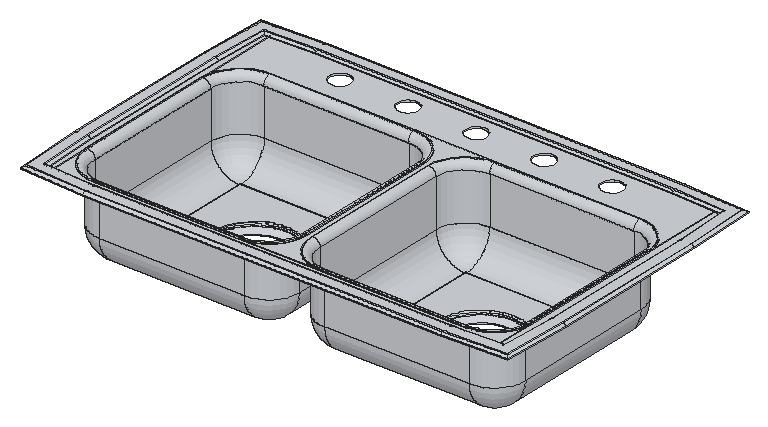
Revit family "LRAD291850", category Plumbing Fixtures, Revit 2019
Family settings
  Round Connector Dimension = Use Diameter
  Part Type = Normal
  OmniClass Number = 23.45.05.14.14
  OmniClass Title = Sinks/Lavatories
  Work Plane-Based = No
  Always vertical = Yes
  Cut with Voids When Loaded = No
  Shared = No
  Room Calculation Point = No
Parameters (values of type "LRAD2918505")
  URL = "www.elkayusa.com"
  Specification Sheet URL = "http://www.elkayusa.com/cps/rde/xbcr/elkay/01-62H_LR(Q)_LRAD(Q)_Double_Bowl.pdf"
  Sink Width = 1' - 6"  # constant formula
  Sink Material = none
  Sink Length = 2' - 5"  # constant formula
  Sink Ledge Sides Width = 0' - 1 7/8"  # constant formula
  Sink Ledge Front Width = 0' - 1 3/4"  # constant formula
  Sink Ledge Back Width = 0' - 4 1/4"  # constant formula
  Sink Depth = 0' - 5"  # constant formula
  Sink Bowl Formula = ((Sink Length - Sink Ledge Sides Width - Sink Ledge Sides Width - Partition Width) / 2)  # 1' - 0"
  Partition Width = 0' - 1 1/4"  # constant formula
  Model = "LR3321"
  Minimum Cabinet Width = "33\""
  Manufacturer = "Elkay Manufacturing"
  Installation Sheet URL = "http://www.elkayusa.com/cps/rde/xbcr/elkay/74180147.pdf"
  Hole 5 Top = 0' - 2"
  Hole 4 Top = 0' - 2"
  Hole 3 Top = 0' - 2"
  Hole 2 Top = 0' - 2"
  Hole 1 to 6 = 1' - 6"
  Hole 1 to 8 = 2' - 0"
  Hole 1 to 7 = 1' - 9"
  Hole 1 to 5 = 1' - 4"
  Hole 1 to 4 = 1' - 0"
  Hole 1 to 3 = 0' - 8"
  Hole 1 to 2 = 0' - 4"
  Hole 1 from CL = 0' - 8"
  Hole 1 Top = 0' - 2"
  Faucet Hole CL = 0' - 2 1/4"  # constant formula
  Drain Location = 0' - 6"  # constant formula
  Description = "Lustertone Double Bowl Sink"
  Deep Specification Sheet URL = "http://www.elkayusa.com/cps/rde/xbcr/elkay/01-19G_DLR(Q)_Double_Bowl.pdf"
  Custom Bowl = no
  Custom Bowl Length = ((Sink Length - Sink Ledge Sides Width - Sink Ledge Sides Width - Partition Width) / 2) - CL Sink to CL Partition  # 1' - 0"
  CL Sink to CL Partition = 0' - 0"
  Bowl Length = ((Sink Length - Sink Ledge Sides Width - Sink Ledge Sides Width - Partition Width) / 2)  # 1' - 0"
  Left Bowl Length = if(Custom Bowl, Custom Bowl Length, Sink Bowl Formula)  # 1' - 0"
  2D Hole 5 = Hole 5 Top = 0' 2"  # yes
  2D Hole 4 = Hole 4 Top = 0' 2"  # yes
  2D Hole 3 = Hole 3 Top = 0' 2"  # yes
  2D Hole 2 = Hole 2 Top = 0' 2"  # yes
  2D Hole 1 = Hole 1 Top = 0' 2"  # yes
Types (6): name | Hole 5 Top | Hole 4 Top | Hole 3 Top | Hole 2 Top | Hole 1 to 5 | Hole 1 from CL | 2D Hole 5 | 2D Hole 4 | 2D Hole 3 | 2D Hole 2
  LRAD2918505 | 0' - 2" | 0' - 2" | 0' - 2" | 0' - 2" | 1' - 4" | 0' - 8" | yes | yes | yes | yes
  LRAD2918504 | 0' - 1 1/2" | 0' - 2" | 0' - 2" | 0' - 2" | 1' - 3" | 0' - 4" | no | yes | yes | yes
  LRAD2918503 | 0' - 1 1/2" | 0' - 1 1/2" | 0' - 2" | 0' - 2" | 1' - 3" | 0' - 4" | no | no | yes | yes
  LRAD291850MR2 | 0' - 1 1/2" | 0' - 1 1/2" | 0' - 1 1/2" | 0' - 2" | 1' - 3" | 0' - 0" | no | no | no | yes
  LRAD2918502 | 0' - 1 1/2" | 0' - 1 1/2" | 0' - 1 1/2" | 0' - 2" | 1' - 3" | 0' - 2" | no | no | no | yes
  LRAD2918501 | 0' - 1 1/2" | 0' - 1 1/2" | 0' - 1 1/2" | 0' - 1 1/2" | 1' - 3" | 0' - 0" | no | no | no | no
Reference planes (in)
  plane 1 "CL Sink Hole": y = 0
  plane 2 "Rim Top Outside Corner": z = 0.0015695
  plane 3 "Center (Left/Right)": x = 0
  plane 4 "Basin Edge Left": x = -12.625
  plane 5 "Basin Edge Right": x = 12.625
  plane 6 "Basin Edge Back": y = 6
  plane 7 "Basin Edge Front": y = -6
  plane 8 "Left": x = -14.5
  plane 9 "Right": x = 14.5
  plane 10 "Back": y = 10.25
  plane 11 "Front": y = -7.75
  plane 12 "Sink Angle Back Corner": y = 10.0792275
  plane 13 "Sink Angle Right Corner": x = 14.3267866
  plane 14 "Sink Angle Right": x = 10.5172067
  plane 15 "Sink Angle Back": y = 5.9648437
  plane 16 "Sink Angle Left": x = -10.515625
  plane 17 "Sink Angle Left Corner": x = -14.328125
  plane 18 "Sink Angle Front Corner": y = -7.578125
  plane 19 "Sink Angle Front": y = -3.4648438
  plane 20 "Sink Top Face Back Edge": y = 9.2219509
  plane 21 "Sink Top Face Front Edge": y = -6.7226563
  plane 22 "Sink Top Face Right Edge": x = 13.0976563
  plane 23 "Sink Top Face Left Edge": x = -13.0976563
  plane 24 "Sink Bowl Bottom (Top Face)": z = -4.8945313
  plane 25 "Faucet CL": y = 8
  plane 26 "Sink Top Piece Top Face": z = -0.0194305
  plane 27 "Sink Top Piece Bottom Face": z = -0.0819305
  plane 28 "Left Sink Bottom Piece Right Edge": x = -2.3125
  plane 29 "Top Void for Radius Back Edge": y = 3.5
  plane 30 "back ledge void radius": y = 6.4921875
  plane 31 "front ledge void radius": y = -6.4921875
  plane 32 "Top Radius Corner Prot": z = -0.4405305
  plane 33: z = -3.2070313
  plane 34 "Sink Bowl Bottom (Bottom Face)": z = -4.9570313
  plane 35 "Left Sink Bottom Piece Left Edge": x = -10.9375
  plane 36 "Sink Bottom Piece Right Edge": x = 10.9375
  plane 37 "Sink Bottom Piece Back Edge": y = 4.3125
  plane 38 "Sink Bottom Piece Front Edge": y = -4.3125
  plane 39 "Top Void for Radius Front Edge": y = -3
  plane 40 "Sink Top Locked Edge Right": x = 13.5625
  plane 41 "Sink Top Locked Edge Left": x = -13.5625
  plane 42 "Hole 1": x = -8
  plane 43 "Hole 2": x = -4
  plane 44 "Hole 3": x = 0
  plane 45 "Hole 4": x = 4
  plane 46 "Hole 5": x = 8
  plane 47 "Faucet Hole Void Bottoms": z = -1.9984305
  plane 48 "Hole 1 Top": z = 0.0015695
  plane 49 "Hole 2 Top": z = 0.0015695
  plane 50 "Hole 3 Top": z = 0.0015695
  plane 51 "Hole 4 Top": z = 0.0015695
  plane 52 "Hole 5 Top": z = 0.0015695
  plane 53 "Top": z = 0.1054687
  plane 54 "Insertion Plan for Sink - Bottom Outside Corner of Rim": z = -0.0524008
  plane 55 "Center (Front/Back)": y = 0
  plane 56 "CL PARTITION": x = 0
  plane 57 "LEFT BOWL RIGHT EDGE": x = -0.625
  plane 58 "RIGHT BOWL LEFT EDGE": x = 0.625
  plane 59 "Sink Bottom Piece Left Edge": x = 2.3125
  plane 60 "Left Bowl CL Drain": x = -6.625
  plane 61 "Right Bowl CL Drain": x = 6.625
  plane 62 "Left Partition Left Edge": x = -0.1328125
  plane 63 "Left Partition Right Edge": x = 0.1328125
Forms (in)
  Sweep 1, solid, material <- "Sink Material"
    path origin (0, 0, 0) x (1, 0, 0) y (0, 1, 0)
      loop
        line (10.5172067, 10.25) -> (-10.515625, 10.25) -> (-14.328125, 10.0792275) -> (-14.5, 5.9648437) -> (-14.5, -3.4648438) -> (-14.328125, -7.578125) -> (-10.515625, -7.75) -> (10.5172067, -7.75) -> (14.3267866, -7.578125) -> (14.5, -3.4648438) -> (14.5, 5.9648437) -> (14.3267866, 10.0792275) -> (10.5172067, 10.25)
    profile "profile-elkay-sink-rim-1 : profile-elkay-sink-rim-1" origin (0.0007909, 10.25, 0) x (0, -1, 0) y (0, 0, 1)
      loop
        line (0, 0) -> (0, -0.0524008) -> (0.2039181, 0.0577989) -> (0.8052651, 0.0577989) -> (1.0074493, -0.0709913) -> (1.0074493, -0.0163327) -> (0.841093, 0.0896347)
        arc (0.841093, 0.0896347) -> (0.8176388, 0.1002604) -> (0.7921483, 0.1038992) r 0.091102
        line (0.7921483, 0.1038992) -> (0.2153023, 0.1038992)
        arc (0.2153023, 0.1038992) -> (0.1929626, 0.1011179) -> (0.1719868, 0.0929438) r 0.0911081
        line (0.1719868, 0.0929438) -> (0, 0)
  Extrusion 2, solid, material <- "Sink Material"
    sketch origin (0, 0, 0) x (1, 0, 0) y (0, 1, 0)
      loop
        line (-13.0976563, 9.2219509) -> (-13.0976563, 3.5) -> (13.0976563, 3.5) -> (13.0976563, 9.2219509) -> (-13.0976563, 9.2219509)
    from -0.0819305 to -0.0194305
  Extrusion 3, void
    sketch origin (0, 0, 0) x (1, 0, 0) y (0, 1, 0)
      loop
        line (13.0976563, 3.5) -> (13.0976563, 4.1441505)
        arc (13.0976563, 4.1441505) -> (12.4099322, 5.8044634) -> (10.7496193, 6.4921875) r 2.348037
        line (10.7496193, 6.4921875) -> (-10.75, 6.4921875)
        arc (-10.75, 6.4921875) -> (-12.4100437, 5.8045749) -> (-13.0976563, 4.1445312) r 2.3476562
        line (-13.0976563, 4.1445312) -> (-13.0976563, 3.5) -> (13.0976563, 3.5)
    from -0.7469965 to 0.495879
  Extrusion 4, solid, material <- "Sink Material"
    sketch origin (0, 0, 0) x (1, 0, 0) y (0, 1, 0)
      loop
        line (-13.0976563, -3.4648438) -> (-13.0976563, -6.7226563) -> (13.0976563, -6.7226563) -> (13.0976563, -3.4648438) -> (-13.0976563, -3.4648438)
    from -0.0819305 to -0.0194305
  Extrusion 5, void
    sketch origin (0, 0, 0) x (1, 0, 0) y (0, 1, 0)
      loop
        line (-13.0976563, -3) -> (-13.0976563, -4.2107599)
        arc (-13.0976563, -4.2107599) -> (-12.4294416, -5.8239728) -> (-10.8162287, -6.4921875) r 2.2814276
        line (-10.8162287, -6.4921875) -> (10.8164063, -6.4921875)
        arc (10.8164063, -6.4921875) -> (12.4294936, -5.8240248) -> (13.0976563, -4.2109375) r 2.28125
        line (13.0976563, -4.2109375) -> (13.0976563, -3) -> (-13.0976563, -3)
    from -1.9984305 to 0.6466859
  Extrusion 6, solid, material <- "Sink Material"
    sketch origin (0, 0, 0) x (1, 0, 0) y (0, 1, 0)
      loop
        line (-13.5625, 9.2219509) -> (-13.5625, -6.7226563) -> (-13.0976563, -6.7226563) -> (-13.0976563, 9.2219509) -> (-13.5625, 9.2219509)
    from -0.0819305 to -0.0194305
  Extrusion 7, solid, material <- "Sink Material"
    sketch origin (0, 0, 0) x (1, 0, 0) y (0, 1, 0)
      loop
        line (13.0976563, 9.2219509) -> (13.0976563, -6.7226563) -> (13.5625, -6.7226563) -> (13.5625, 9.2219509) -> (13.0976563, 9.2219509)
    from -0.0819305 to -0.0194305
  Sweep 8, solid, material <- "Sink Material"
    path origin (-14.75, 0, -0.0194305) x (-1, 0, 0) y (0, -1, 0)
      loop
        line (-12.375, -6) -> (-3.875, -6)
        arc (-3.875, -6) -> (-2.6375631, -5.4874369) -> (-2.125, -4.25) r 1.75
        line (-2.125, -4.25) -> (-2.125, 4.25)
        arc (-2.125, 4.25) -> (-2.6375631, 5.4874369) -> (-3.875, 6) r 1.75
        line (-3.875, 6) -> (-12.375, 6)
        arc (-12.375, 6) -> (-13.6124369, 5.4874369) -> (-14.125, 4.25) r 1.75
        line (-14.125, 4.25) -> (-14.125, -4.25)
        arc (-14.125, -4.25) -> (-13.6124369, -5.4874369) -> (-12.375, -6) r 1.75
    profile "profile-elkay-sink-top corner : profile-elkay-sink-top corner" origin (-6.625, 6, -0.0194305) x (0, -1, 0) y (0, 0, 1)
      loop
        line (-0.4204811, 0) -> (-0.4921875, 0) -> (-0.4921875, -0.0461) -> (-0.4204811, -0.0461)
        arc (-0.4204811, -0.0461) -> (-0.1553161, -0.155935) -> (-0.0454811, -0.4211) r 0.375
        line (-0.0454811, -0.4211) -> (0.0006189, -0.4211)
        arc (0.0006189, -0.4211) -> (-0.1227185, -0.1233373) -> (-0.4204811, 0) r 0.4211
  Sweep 9, solid, material <- "Sink Material"
    path origin (-14.75, 0, -4.8945313) x (-1, 0, 0) y (0, -1, 0)
      loop
        line (-2.125, -4.25) -> (-2.125, 4.25)
        arc (-2.125, 4.25) -> (-2.6375631, 5.4874369) -> (-3.875, 6) r 1.75
        line (-3.875, 6) -> (-12.375, 6)
        arc (-12.375, 6) -> (-13.6124369, 5.4874369) -> (-14.125, 4.25) r 1.75
        line (-14.125, 4.25) -> (-14.125, -4.25)
        arc (-14.125, -4.25) -> (-13.6124369, -5.4874369) -> (-12.375, -6) r 1.75
        line (-12.375, -6) -> (-3.875, -6)
        arc (-3.875, -6) -> (-2.6375631, -5.4874369) -> (-2.125, -4.25) r 1.75
    profile "profile-elkay-sink-btm-crnr_1-6875 : profile-elkay-sink-btm-crnr_1-6875" origin (-12.625, 0, -4.8945313) x (1, 0, 0) y (0, 0, 1)
      loop
        line (1.6875, -0.0625) -> (1.6875, 0)
        arc (1.6875, 0) -> (0.4942573, 0.4942573) -> (0, 1.6875) r 1.6875
        line (0, 1.6875) -> (-0.0625, 1.6875)
        arc (-0.0625, 1.6875) -> (0.4500631, 0.4500631) -> (1.6875, -0.0625) r 1.75
  Extrusion 10, solid, material <- "Sink Material"
    sketch origin (0, 0, 0) x (1, 0, 0) y (0, 1, 0)
      loop
        line (-10.9375, 4.3125) -> (-10.9375, -4.3125) -> (-2.3125, -4.3125) -> (-2.3125, 4.3125) -> (-10.9375, 4.3125)
    from -4.9570313 to -4.8945313
  Extrusion 11, solid, material <- "Sink Material"
    sketch origin (-14.75, 0, 0) x (1, 0, 0) y (0, 1, 0)
      loop
        arc (3.875, 6) -> (2.6375631, 5.4874369) -> (2.125, 4.25) r 1.75
        line (2.125, 4.25) -> (2.125, -4.25)
        arc (2.125, -4.25) -> (2.6375631, -5.4874369) -> (3.875, -6) r 1.75
        line (3.875, -6) -> (12.375, -6)
        arc (12.375, -6) -> (13.6124369, -5.4874369) -> (14.125, -4.25) r 1.75
        line (14.125, -4.25) -> (14.125, 4.25)
        arc (14.125, 4.25) -> (13.6124369, 5.4874369) -> (12.375, 6) r 1.75
        line (12.375, 6) -> (3.875, 6)
      loop
        arc (3.875, 6.0625) -> (2.593369, 5.531631) -> (2.0625, 4.25) r 1.8125
        line (2.0625, 4.25) -> (2.0625, -4.25)
        arc (2.0625, -4.25) -> (2.593369, -5.531631) -> (3.875, -6.0625) r 1.8125
        line (3.875, -6.0625) -> (12.375, -6.0625)
        arc (12.375, -6.0625) -> (13.656631, -5.531631) -> (14.1875, -4.25) r 1.8125
        line (14.1875, -4.25) -> (14.1875, 4.25)
        arc (14.1875, 4.25) -> (13.656631, 5.531631) -> (12.375, 6.0625) r 1.8125
        line (12.375, 6.0625) -> (3.875, 6.0625)
    from -3.2070313 to -0.4405305
  Extrusion 12, void
    sketch origin (0, 0, 0) x (1, 0, 0) y (0, 1, 0)
      loop
        circle (-6.625, 0) r 2.5
    from -4.9570313 to -2.8320312
  Sweep 13, solid, material <- "Sink Material"
    path origin (-14.75, 0, -4.8945313) x (-1, 0, 0) y (0, -1, 0)
      loop
        circle (-8.125, 0) r 2.501635
    profile "profile-elkay-sink-hole-1 : profile-elkay-sink-hole-1" origin (-6.625, -2.501635, -4.8945313) x (0, 1, 0) y (0, 0, 1)
      loop
        line (0.5785343, -0.3269365) -> (0.1564602, -0.1343744)
        arc (0.1564602, -0.1343744) -> (0.1424945, -0.125589) -> (0.1313144, -0.1134552) r 0.0625
        line (0.1313144, -0.1134552) -> (0.0881719, -0.0522605)
        arc (0.0881719, -0.0522605) -> (0.0506391, -0.015074) -> (0, 0) r 0.1086
        line (0, 0) -> (0, -0.0461763)
        arc (0, -0.0461763) -> (0.0262058, -0.0541921) -> (0.0464633, -0.0726482) r 0.0625
        line (0.0464633, -0.0726482) -> (0.093406, -0.1396891)
        arc (0.093406, -0.1396891) -> (0.1129384, -0.1609677) -> (0.1373891, -0.176345) r 0.1086
        line (0.1373891, -0.176345) -> (0.5785343, -0.3776079) -> (0.5785343, -0.3269365)
  Sweep 14, solid, material <- "Sink Material"
    path origin (14.75, 0, -0.0194305) x (-1, 0, 0) y (0, -1, 0)
      loop
        line (3.875, -6) -> (12.375, -6)
        arc (12.375, -6) -> (13.6124369, -5.4874369) -> (14.125, -4.25) r 1.75
        line (14.125, -4.25) -> (14.125, 4.25)
        arc (14.125, 4.25) -> (13.6124369, 5.4874369) -> (12.375, 6) r 1.75
        line (12.375, 6) -> (3.875, 6)
        arc (3.875, 6) -> (2.6375631, 5.4874369) -> (2.125, 4.25) r 1.75
        line (2.125, 4.25) -> (2.125, -4.25)
        arc (2.125, -4.25) -> (2.6375631, -5.4874369) -> (3.875, -6) r 1.75
    profile "profile-elkay-sink-top corner : profile-elkay-sink-top corner" origin (6.625, 6, -0.0194305) x (0, -1, 0) y (0, 0, 1)
      loop
        line (-0.4204811, 0) -> (-0.4921875, 0) -> (-0.4921875, -0.0461) -> (-0.4204811, -0.0461)
        arc (-0.4204811, -0.0461) -> (-0.1553161, -0.155935) -> (-0.0454811, -0.4211) r 0.375
        line (-0.0454811, -0.4211) -> (0.0006189, -0.4211)
        arc (0.0006189, -0.4211) -> (-0.1227185, -0.1233373) -> (-0.4204811, 0) r 0.4211
  Sweep 15, solid, material <- "Sink Material"
    path origin (14.75, 0, -4.8945313) x (-1, 0, 0) y (0, -1, 0)
      loop
        line (14.125, -4.25) -> (14.125, 4.25)
        arc (14.125, 4.25) -> (13.6124369, 5.4874369) -> (12.375, 6) r 1.75
        line (12.375, 6) -> (3.875, 6)
        arc (3.875, 6) -> (2.6375631, 5.4874369) -> (2.125, 4.25) r 1.75
        line (2.125, 4.25) -> (2.125, -4.25)
        arc (2.125, -4.25) -> (2.6375631, -5.4874369) -> (3.875, -6) r 1.75
        line (3.875, -6) -> (12.375, -6)
        arc (12.375, -6) -> (13.6124369, -5.4874369) -> (14.125, -4.25) r 1.75
    profile "profile-elkay-sink-btm-crnr_1-6875 : profile-elkay-sink-btm-crnr_1-6875" origin (0.625, 0, -4.8945313) x (1, 0, 0) y (0, 0, 1)
      loop
        line (1.6875, -0.0625) -> (1.6875, 0)
        arc (1.6875, 0) -> (0.4942573, 0.4942573) -> (0, 1.6875) r 1.6875
        line (0, 1.6875) -> (-0.0625, 1.6875)
        arc (-0.0625, 1.6875) -> (0.4500631, 0.4500631) -> (1.6875, -0.0625) r 1.75
  Extrusion 16, solid, material <- "Sink Material"
    sketch origin (14.75, 0, 0) x (1, 0, 0) y (0, 1, 0)
      loop
        arc (-12.375, 6) -> (-13.6124369, 5.4874369) -> (-14.125, 4.25) r 1.75
        line (-14.125, 4.25) -> (-14.125, -4.25)
        arc (-14.125, -4.25) -> (-13.6124369, -5.4874369) -> (-12.375, -6) r 1.75
        line (-12.375, -6) -> (-3.875, -6)
        arc (-3.875, -6) -> (-2.6375631, -5.4874369) -> (-2.125, -4.25) r 1.75
        line (-2.125, -4.25) -> (-2.125, 4.25)
        arc (-2.125, 4.25) -> (-2.6375631, 5.4874369) -> (-3.875, 6) r 1.75
        line (-3.875, 6) -> (-12.375, 6)
      loop
        arc (-12.375, 6.0625) -> (-13.656631, 5.531631) -> (-14.1875, 4.25) r 1.8125
        line (-14.1875, 4.25) -> (-14.1875, -4.25)
        arc (-14.1875, -4.25) -> (-13.656631, -5.531631) -> (-12.375, -6.0625) r 1.8125
        line (-12.375, -6.0625) -> (-3.875, -6.0625)
        arc (-3.875, -6.0625) -> (-2.593369, -5.531631) -> (-2.0625, -4.25) r 1.8125
        line (-2.0625, -4.25) -> (-2.0625, 4.25)
        arc (-2.0625, 4.25) -> (-2.593369, 5.531631) -> (-3.875, 6.0625) r 1.8125
        line (-3.875, 6.0625) -> (-12.375, 6.0625)
    from -3.2070313 to -0.4405305
  Extrusion 17, solid, material <- "Sink Material"
    sketch origin (0, 0, 0) x (1, 0, 0) y (0, 1, 0)
      loop
        line (2.3125, 4.3125) -> (2.3125, -4.3125) -> (10.9375, -4.3125) -> (10.9375, 4.3125) -> (2.3125, 4.3125)
    from -4.9570313 to -4.8945313
  Extrusion 18, void
    sketch origin (0, 0, 0) x (1, 0, 0) y (0, 1, 0)
      loop
        circle (6.625, 0) r 2.5
    from -4.9570313 to -3.2070313
  Sweep 19, solid, material <- "Sink Material"
    path origin (14.75, 0, -4.8945313) x (-1, 0, 0) y (0, -1, 0)
      loop
        circle (8.125, 0) r 2.501635
    profile "profile-elkay-sink-hole-1 : profile-elkay-sink-hole-1" origin (6.625, -2.501635, -4.8945313) x (0, 1, 0) y (0, 0, 1)
      loop
        line (0.5785343, -0.3269365) -> (0.1564602, -0.1343744)
        arc (0.1564602, -0.1343744) -> (0.1424945, -0.125589) -> (0.1313144, -0.1134552) r 0.0625
        line (0.1313144, -0.1134552) -> (0.0881719, -0.0522605)
        arc (0.0881719, -0.0522605) -> (0.0506391, -0.015074) -> (0, 0) r 0.1086
        line (0, 0) -> (0, -0.0461763)
        arc (0, -0.0461763) -> (0.0262058, -0.0541921) -> (0.0464633, -0.0726482) r 0.0625
        line (0.0464633, -0.0726482) -> (0.093406, -0.1396891)
        arc (0.093406, -0.1396891) -> (0.1129384, -0.1609677) -> (0.1373891, -0.176345) r 0.1086
        line (0.1373891, -0.176345) -> (0.5785343, -0.3776079) -> (0.5785343, -0.3269365)
  Extrusion 20, void
    sketch origin (0, 0, 0) x (1, 0, 0) y (0, 1, 0)
      loop
        circle (-8, 8) r 0.625
    from -1.9984305 to 0.0015695
  Extrusion 21, void
    sketch origin (0, 0, 0) x (1, 0, 0) y (0, 1, 0)
      loop
        circle (-4, 8) r 0.625
    from -1.9984305 to 0.0015695
  Extrusion 22, void
    sketch origin (0, 0, 0) x (1, 0, 0) y (0, 1, 0)
      loop
        circle (0, 8) r 0.625
    from -1.9984305 to 0.0015695
  Extrusion 23, void
    sketch origin (0, 0, 0) x (1, 0, 0) y (0, 1, 0)
      loop
        circle (4, 8) r 0.625
    from -1.9984305 to 0.0015695
  Extrusion 24, void
    sketch origin (0, 0, 0) x (1, 0, 0) y (0, 1, 0)
      loop
        circle (8, 8) r 0.625
    from -1.9984305 to 0.0015695
  Extrusion 25, solid, material <- "Sink Material"
    sketch origin (0, 0, 0) x (1, 0, 0) y (0, 1, 0)
      loop
        arc (-2.375, 6.4921875) -> (-0.789534, 5.835466) -> (-0.1328125, 4.25) r 2.2421875
        line (-0.1328125, 4.25) -> (-0.1328125, -4.25)
        arc (-0.1328125, -4.25) -> (-0.789534, -5.835466) -> (-2.375, -6.4921875) r 2.2421875
        line (-2.375, -6.4921875) -> (2.375, -6.4921875)
        arc (2.375, -6.4921875) -> (0.789534, -5.835466) -> (0.1328125, -4.25) r 2.2421875
        line (0.1328125, -4.25) -> (0.1328125, 4.25)
        arc (0.1328125, 4.25) -> (0.789534, 5.835466) -> (2.375, 6.4921875) r 2.2421875
        line (2.375, 6.4921875) -> (-2.375, 6.4921875)
    from -0.0819305 to -0.0194305
Cuts and joins
  Extrusion 3, Extrusion 12, Extrusion 18, Extrusion 20, Extrusion 21, Extrusion 22, Extrusion 23, Extrusion 24 cuts Sweep 1
  Extrusion 3, Extrusion 20, Extrusion 21, Extrusion 22, Extrusion 23, Extrusion 24 cuts Extrusion 2
  Extrusion 5 cuts Extrusion 4
  Extrusion 12 cuts Extrusion 10
  Extrusion 18 cuts Extrusion 17
Lines and regions (in)
  reference lines
    curve 1: line (10.5172067, 10.25, 0) -> (14.3267866, 10.0792275, 0)
    curve 2: line (14.3267866, 10.0792275, 0) -> (14.5, 5.9648437, 0)
    curve 3: line (-10.515625, 10.25, 0) -> (-14.328125, 10.0792275, 0)
    curve 4: line (-14.328125, 10.0792275, 0) -> (-14.5, 5.9648437, 0)
    curve 5: line (-14.5, -3.4648438, 0) -> (-14.328125, -7.578125, 0)
    curve 6: line (-14.328125, -7.578125, 0) -> (-10.515625, -7.75, 0)
    curve 7: line (14.5, -3.4648438, 0) -> (14.3267866, -7.578125, 0)
    curve 8: line (14.3267866, -7.578125, 0) -> (10.5172067, -7.75, 0)
Dimensions and locks (in)
  "Sink Ledge Sides Width": plane 8 "Left" to plane 4 "Basin Edge Left"
  "Sink Ledge Sides Width": plane 5 "Basin Edge Right" to plane 9 "Right"
  "Sink Length": plane 8 "Left" to plane 9 "Right"
  "Drain Location": plane 6 "Basin Edge Back" to plane 1 "CL Sink Hole"
  "Sink Ledge Back Width": plane 10 "Back" to plane 6 "Basin Edge Back"
  "Sink Ledge Front Width": plane 7 "Basin Edge Front" to plane 11 "Front"
  locked: plane 13 "Sink Angle Right Corner" to plane 9 "Right" at 0.1732134
  locked: plane 10 "Back" to plane 12 "Sink Angle Back Corner" at 0.1707725
  locked: plane 14 "Sink Angle Right" to plane 9 "Right" at 3.9827933
  locked: plane 10 "Back" to plane 15 "Sink Angle Back" at 4.2851562
  locked: plane 8 "Left" to plane 17 "Sink Angle Left Corner" at 0.171875
  locked: plane 8 "Left" to plane 16 "Sink Angle Left" at 3.984375
  locked: plane 18 "Sink Angle Front Corner" to plane 11 "Front" at 0.171875
  locked: plane 19 "Sink Angle Front" to plane 11 "Front" at 4.2851562
  "Sink Width": plane 10 "Back" to plane 11 "Front"
  locked: plane 10 "Back" to plane 20 "Sink Top Face Back Edge" at 1.0280491
  locked: plane 21 "Sink Top Face Front Edge" to plane 11 "Front" at 1.0273438
  locked: plane 23 "Sink Top Face Left Edge" to plane 4 "Basin Edge Left" at 0.4726562
  "Sink Depth": plane 53 "Top" to plane 24 "Sink Bowl Bottom (Top Face)"
  "Faucet Hole CL": plane 10 "Back" to plane 25 "Faucet CL"
  locked: plane 2 "Rim Top Outside Corner" to plane 26 "Sink Top Piece Top Face" at 0.021
  locked: plane 26 "Sink Top Piece Top Face" to plane 27 "Sink Top Piece Bottom Face" at 0.0625
  locked: plane 6 "Basin Edge Back" to plane 29 "Top Void for Radius Back Edge" at 2.5
  locked: plane 30 "back ledge void radius" to plane 29 "Top Void for Radius Back Edge" at 2.9921875
  locked: plane 39 "Top Void for Radius Front Edge" to plane 31 "front ledge void radius" at 3.4921875
  locked: plane 2 "Rim Top Outside Corner" to plane 32 "Top Radius Corner Prot" at 0.4421
  locked: plane 33 to plane 24 "Sink Bowl Bottom (Top Face)" at 1.6875
  locked: plane 24 "Sink Bowl Bottom (Top Face)" to plane 34 "Sink Bowl Bottom (Bottom Face)" at 0.0625
  locked: plane 38 "Sink Bottom Piece Front Edge" to plane 7 "Basin Edge Front" at 1.6875
  locked: plane 4 "Basin Edge Left" to plane 35 "Left Sink Bottom Piece Left Edge" at 1.6875
  locked: plane 36 "Sink Bottom Piece Right Edge" to plane 5 "Basin Edge Right" at 1.6875
  locked: plane 6 "Basin Edge Back" to plane 37 "Sink Bottom Piece Back Edge" at 1.6875
  locked: plane 39 "Top Void for Radius Front Edge" to plane 7 "Basin Edge Front" at 3
  locked: plane 5 "Basin Edge Right" to plane 22 "Sink Top Face Right Edge" at 0.4726562
  locked: Extrusion 3 sketch curve to plane 5 "Basin Edge Right" at 1.8753807
  locked: plane 6 "Basin Edge Back" to Extrusion 3 sketch curve at 1.8558495
  locked: plane 4 "Basin Edge Left" to Extrusion 3 sketch curve at 1.875
  locked: plane 6 "Basin Edge Back" to Extrusion 3 sketch curve at 1.8554688
  locked: plane 4 "Basin Edge Left" to Extrusion 5 sketch curve at 1.8087713
  locked: Extrusion 5 sketch curve to plane 5 "Basin Edge Right" at 1.8085938
  locked: Extrusion 5 sketch curve to plane 7 "Basin Edge Front" at 1.7892401
  locked: Extrusion 5 sketch curve to plane 7 "Basin Edge Front" at 1.7890625
  locked: plane 40 "Sink Top Locked Edge Right" to plane 9 "Right" at 0.9375
  locked: plane 8 "Left" to plane 41 "Sink Top Locked Edge Left" at 0.9375
  "Hole 1 from CL": plane 42 "Hole 1" to plane 3 "Center (Left/Right)"
  "Hole 1 to 2": plane 42 "Hole 1" to plane 43 "Hole 2"
  "Hole 1 to 3": plane 42 "Hole 1" to plane 44 "Hole 3"
  "Hole 1 to 4": plane 42 "Hole 1" to plane 45 "Hole 4"
  "Hole 1 to 5": plane 42 "Hole 1" to plane 46 "Hole 5"
  locked: plane 2 "Rim Top Outside Corner" to plane 47 "Faucet Hole Void Bottoms" at 2
  "Hole 1 Top": plane 48 "Hole 1 Top" to plane 47 "Faucet Hole Void Bottoms"
  "Hole 2 Top": plane 49 "Hole 2 Top" to plane 47 "Faucet Hole Void Bottoms"
  "Hole 3 Top": plane 50 "Hole 3 Top" to plane 47 "Faucet Hole Void Bottoms"
  "Hole 4 Top": plane 51 "Hole 4 Top" to plane 47 "Faucet Hole Void Bottoms"
  "Hole 5 Top": plane 52 "Hole 5 Top" to plane 47 "Faucet Hole Void Bottoms"
  locked: plane 53 "Top" to plane 2 "Rim Top Outside Corner" at 0.1038992
  locked: plane 53 "Top" to plane 54 "Insertion Plan for Sink - Bottom Outside Corner of Rim" at 0.1578695
  equal spacing: plane 6 "Basin Edge Back", plane 55 "Center (Front/Back)", plane 7 "Basin Edge Front"
  locked: plane 28 "Left Sink Bottom Piece Right Edge" to plane 57 "LEFT BOWL RIGHT EDGE" at 1.6875
  locked: plane 58 "RIGHT BOWL LEFT EDGE" to plane 59 "Sink Bottom Piece Left Edge" at 1.6875
  locked: plane 6 "Basin Edge Back" to Sweep 8 sketch curve at 1.75  (x2)
  locked: plane 4 "Basin Edge Left" to Sweep 8 sketch curve at 1.75  (x2)
  locked: Sweep 8 sketch curve to plane 57 "LEFT BOWL RIGHT EDGE" at 1.75  (x2)
  locked: Sweep 8 sketch curve to plane 7 "Basin Edge Front" at 1.75  (x2)
  equal spacing: plane 8 "Left", plane 3 "Center (Left/Right)", plane 9 "Right"
  equal spacing: plane 4 "Basin Edge Left", plane 60 "Left Bowl CL Drain", plane 57 "LEFT BOWL RIGHT EDGE"
  equal spacing: plane 58 "RIGHT BOWL LEFT EDGE", plane 61 "Right Bowl CL Drain", plane 5 "Basin Edge Right"
  locked: plane 4 "Basin Edge Left" to Sweep 9 sketch curve at 1.75  (x2)
  locked: Sweep 9 sketch curve to plane 57 "LEFT BOWL RIGHT EDGE" at 1.75  (x2)
  locked: plane 6 "Basin Edge Back" to Sweep 9 sketch curve at 1.75  (x2)
  locked: Sweep 9 sketch curve to plane 7 "Basin Edge Front" at 1.75  (x2)
  locked: plane 6 "Basin Edge Back" to Extrusion 11 sketch curve at 1.75  (x2)
  locked: plane 4 "Basin Edge Left" to Extrusion 11 sketch curve at 1.75  (x2)
  locked: Extrusion 11 sketch curve to plane 57 "LEFT BOWL RIGHT EDGE" at 1.75  (x2)
  locked: Extrusion 11 sketch curve to plane 7 "Basin Edge Front" at 1.75  (x2)
  locked: plane 58 "RIGHT BOWL LEFT EDGE" to Sweep 14 sketch curve at 1.75  (x2)
  locked: Sweep 14 sketch curve to plane 5 "Basin Edge Right" at 1.75  (x2)
  locked: plane 6 "Basin Edge Back" to Sweep 14 sketch curve at 1.75  (x2)
  locked: Sweep 14 sketch curve to plane 7 "Basin Edge Front" at 1.75  (x2)
  locked: Sweep 15 sketch curve to plane 5 "Basin Edge Right" at 1.75  (x2)
  locked: Sweep 15 sketch curve to plane 7 "Basin Edge Front" at 1.75  (x2)
  locked: plane 58 "RIGHT BOWL LEFT EDGE" to Sweep 15 sketch curve at 1.75  (x2)
  locked: plane 6 "Basin Edge Back" to Sweep 15 sketch curve at 1.75  (x2)
  locked: plane 58 "RIGHT BOWL LEFT EDGE" to Extrusion 16 sketch curve at 1.75  (x2)
  locked: Extrusion 16 sketch curve to plane 5 "Basin Edge Right" at 1.75  (x2)
  locked: Extrusion 16 sketch curve to plane 7 "Basin Edge Front" at 1.75  (x2)
  locked: plane 6 "Basin Edge Back" to Extrusion 16 sketch curve at 1.75  (x2)
  plane 8 "Left" to plane 42 "Hole 1" = 0' - 6 1/2"
  locked: Extrusion 25 sketch curve to plane 57 "LEFT BOWL RIGHT EDGE" at 1.75  (x2)
  locked: plane 6 "Basin Edge Back" to Extrusion 25 sketch curve at 1.75  (x2)
  locked: Extrusion 25 sketch curve to plane 31 "front ledge void radius" at 2.2421875  (x2)
  plane 62 "Left Partition Left Edge" to plane 56 "CL PARTITION" to plane 63 "Left Partition Right Edge" = 0' - 0 17/128" locked, 0' - 0 17/128" locked
  "CL Sink to CL Partition": plane 56 "CL PARTITION" to plane 3 "Center (Left/Right)"
  "Partition Width": plane 57 "LEFT BOWL RIGHT EDGE" to plane 58 "RIGHT BOWL LEFT EDGE"
  equal spacing: plane 57 "LEFT BOWL RIGHT EDGE", plane 56 "CL PARTITION", plane 58 "RIGHT BOWL LEFT EDGE"
  locked: plane 58 "RIGHT BOWL LEFT EDGE" to Extrusion 25 sketch curve at 1.75  (x2)
  aligned and locked: plane 9 "Right" to Sweep 1 sketch curve
  aligned and locked: plane 10 "Back" to Sweep 1 sketch curve
  aligned and locked: Sweep 1 sketch curve to plane 8 "Left"
  aligned and locked: Sweep 1 sketch curve to plane 11 "Front"
  aligned and locked: Sweep 1 sketch curve to curve 7
  aligned and locked: Sweep 1 sketch curve to curve 8
  aligned and locked: Sweep 1 sketch curve to curve 6
  aligned and locked: Sweep 1 sketch curve to curve 5
  aligned and locked: Sweep 1 sketch curve to curve 4
  aligned and locked: Sweep 1 sketch curve to curve 3
  aligned and locked: Sweep 1 sketch curve to curve 1
  aligned and locked: Sweep 1 sketch curve to curve 2
  aligned and locked: plane 29 "Top Void for Radius Back Edge" to Extrusion 2 sketch curve
  aligned and locked: plane 23 "Sink Top Face Left Edge" to Extrusion 2 sketch curve
  aligned and locked: Extrusion 2 sketch curve to plane 22 "Sink Top Face Right Edge"
  aligned and locked: Extrusion 2 sketch curve to plane 20 "Sink Top Face Back Edge"
  aligned and locked: Extrusion 2 to plane 27 "Sink Top Piece Bottom Face"
  aligned and locked: plane 23 "Sink Top Face Left Edge" to Extrusion 3 sketch curve
  aligned and locked: Extrusion 3 sketch curve to plane 22 "Sink Top Face Right Edge"
  aligned and locked: plane 29 "Top Void for Radius Back Edge" to Extrusion 3 sketch curve
  aligned and locked: plane 26 "Sink Top Piece Top Face" to Extrusion 2
  aligned and locked: plane 30 "back ledge void radius" to Extrusion 3 sketch curve
  aligned and locked: plane 23 "Sink Top Face Left Edge" to Extrusion 4 sketch curve
  aligned and locked: Extrusion 4 sketch curve to plane 19 "Sink Angle Front"
  aligned and locked: plane 21 "Sink Top Face Front Edge" to Extrusion 4 sketch curve
  aligned and locked: Extrusion 4 sketch curve to plane 22 "Sink Top Face Right Edge"
  aligned and locked: plane 26 "Sink Top Piece Top Face" to Extrusion 4
  aligned and locked: Extrusion 4 to plane 27 "Sink Top Piece Bottom Face"
  aligned and locked: Extrusion 5 sketch curve to plane 22 "Sink Top Face Right Edge"
  aligned and locked: plane 23 "Sink Top Face Left Edge" to Extrusion 5 sketch curve
  aligned and locked: plane 31 "front ledge void radius" to Extrusion 5 sketch curve
  aligned and locked: Extrusion 5 sketch curve to plane 39 "Top Void for Radius Front Edge"
  aligned and locked: plane 41 "Sink Top Locked Edge Left" to Extrusion 6 sketch curve
  aligned and locked: Extrusion 6 sketch curve to plane 23 "Sink Top Face Left Edge"
  aligned and locked: Extrusion 6 to plane 27 "Sink Top Piece Bottom Face"
  aligned and locked: plane 26 "Sink Top Piece Top Face" to Extrusion 6
  aligned and locked: plane 20 "Sink Top Face Back Edge" to Extrusion 6
  aligned and locked: Extrusion 6 to plane 21 "Sink Top Face Front Edge"
  aligned and locked: Extrusion 7 sketch curve to plane 20 "Sink Top Face Back Edge"
  aligned and locked: plane 22 "Sink Top Face Right Edge" to Extrusion 7 sketch curve
  aligned and locked: plane 21 "Sink Top Face Front Edge" to Extrusion 7 sketch curve
  aligned and locked: plane 40 "Sink Top Locked Edge Right" to Extrusion 7 sketch curve
  aligned and locked: plane 27 "Sink Top Piece Bottom Face" to Extrusion 7
  aligned and locked: plane 26 "Sink Top Piece Top Face" to Extrusion 7
  aligned and locked: Extrusion 5 to plane 47 "Faucet Hole Void Bottoms"
  aligned and locked: Sweep 8 sketch curve to plane 4 "Basin Edge Left"
  aligned and locked: Sweep 8 sketch curve to plane 57 "LEFT BOWL RIGHT EDGE"
  aligned and locked: Sweep 9 sketch curve to plane 57 "LEFT BOWL RIGHT EDGE"
  aligned and locked: Sweep 9 sketch curve to plane 6 "Basin Edge Back"
  aligned and locked: Sweep 9 sketch curve to plane 7 "Basin Edge Front"
  aligned and locked: plane 35 "Left Sink Bottom Piece Left Edge" to Extrusion 10 sketch curve
  aligned and locked: Extrusion 10 sketch curve to plane 28 "Left Sink Bottom Piece Right Edge"
  aligned and locked: plane 38 "Sink Bottom Piece Front Edge" to Extrusion 10 sketch curve
  aligned and locked: Extrusion 10 sketch curve to plane 37 "Sink Bottom Piece Back Edge"
  aligned and locked: Extrusion 10 to plane 34 "Sink Bowl Bottom (Bottom Face)"
  aligned and locked: plane 24 "Sink Bowl Bottom (Top Face)" to Extrusion 10
  aligned and locked: plane 4 "Basin Edge Left" to Extrusion 11 sketch curve
  aligned and locked: plane 7 "Basin Edge Front" to Extrusion 11 sketch curve
  aligned and locked: Extrusion 11 sketch curve to plane 57 "LEFT BOWL RIGHT EDGE"
  aligned and locked: Extrusion 11 sketch curve to plane 6 "Basin Edge Back"
  aligned and locked: plane 32 "Top Radius Corner Prot" to Extrusion 11
  aligned and locked: Extrusion 12 to plane 34 "Sink Bowl Bottom (Bottom Face)"
  aligned and locked: Sweep 14 sketch curve to plane 7 "Basin Edge Front"
  aligned and locked: Sweep 14 sketch curve to plane 5 "Basin Edge Right"
  aligned and locked: Sweep 14 sketch curve to plane 58 "RIGHT BOWL LEFT EDGE"
  aligned and locked: Sweep 15 sketch curve to plane 58 "RIGHT BOWL LEFT EDGE"
  aligned and locked: Sweep 15 sketch curve to plane 5 "Basin Edge Right"
  aligned and locked: Sweep 15 sketch curve to plane 7 "Basin Edge Front"
  aligned and locked: plane 32 "Top Radius Corner Prot" to Extrusion 16
  aligned and locked: plane 59 "Sink Bottom Piece Left Edge" to Extrusion 17 sketch curve
  aligned and locked: Extrusion 17 sketch curve to plane 36 "Sink Bottom Piece Right Edge"
  aligned and locked: plane 38 "Sink Bottom Piece Front Edge" to Extrusion 17 sketch curve
  aligned and locked: Extrusion 17 sketch curve to plane 37 "Sink Bottom Piece Back Edge"
  aligned: Extrusion 17 to plane 24 "Sink Bowl Bottom (Top Face)"
  aligned and locked: Extrusion 17 to plane 34 "Sink Bowl Bottom (Bottom Face)"
  aligned and locked: plane 24 "Sink Bowl Bottom (Top Face)" to Extrusion 17
  aligned and locked: Extrusion 18 to plane 34 "Sink Bowl Bottom (Bottom Face)"
  aligned and locked: plane 33 to Extrusion 18
  aligned and locked: plane 58 "RIGHT BOWL LEFT EDGE" to Extrusion 16 sketch curve
  aligned and locked: Extrusion 20 to plane 47 "Faucet Hole Void Bottoms"
  aligned and locked: Extrusion 21 to plane 47 "Faucet Hole Void Bottoms"
  aligned and locked: Extrusion 22 to plane 47 "Faucet Hole Void Bottoms"
  aligned and locked: Extrusion 23 to plane 47 "Faucet Hole Void Bottoms"
  aligned and locked: Extrusion 24 to plane 47 "Faucet Hole Void Bottoms"
  aligned and locked: Extrusion 20 to plane 48 "Hole 1 Top"
  aligned and locked: Extrusion 21 to plane 49 "Hole 2 Top"
  aligned and locked: Extrusion 22 to plane 50 "Hole 3 Top"
  aligned and locked: Extrusion 23 to plane 51 "Hole 4 Top"
  aligned and locked: plane 52 "Hole 5 Top" to Extrusion 24
  aligned and locked: plane 30 "back ledge void radius" to Extrusion 25 sketch curve
  aligned and locked: plane 31 "front ledge void radius" to Extrusion 25 sketch curve
  aligned and locked: Extrusion 25 sketch curve to plane 63 "Left Partition Right Edge"
  aligned and locked: plane 62 "Left Partition Left Edge" to Extrusion 25 sketch curve
  aligned and locked: Extrusion 25 to plane 27 "Sink Top Piece Bottom Face"
  aligned and locked: plane 26 "Sink Top Piece Top Face" to Extrusion 25
  aligned and locked: Extrusion 11 to plane 33
  aligned and locked: Extrusion 16 to plane 33
Automatic sketch dimensions
  curve 4 to plane 8 "Left" = 0' - 0"
  curve 5 to plane 8 "Left" = 0' - 0"
  curve 5 to plane 17 "Sink Angle Left Corner" = 0' - 0"
  curve 4 to plane 12 "Sink Angle Back Corner" = 0' - 0"
  curve 4 to plane 17 "Sink Angle Left Corner" = 0' - 0"
  curve 3 to plane 10 "Back" = 0' - 0"
  curve 3 to plane 16 "Sink Angle Left" = 0' - 0"
  curve 6 to plane 11 "Front" = 0' - 0"
  curve 6 to plane 16 "Sink Angle Left" = 0' - 0"
  curve 1 to plane 10 "Back" = 0' - 0"
  curve 1 to plane 14 "Sink Angle Right" = 0' - 0"
  curve 8 to plane 11 "Front" = 0' - 0"
  curve 8 to plane 14 "Sink Angle Right" = 0' - 0"
  curve 1 to plane 12 "Sink Angle Back Corner" = 0' - 0"
  curve 1 to plane 13 "Sink Angle Right Corner" = 0' - 0"
  curve 8 to plane 13 "Sink Angle Right Corner" = 0' - 0"
  curve 7 to plane 9 "Right" = 0' - 0"
  curve 2 to plane 9 "Right" = 0' - 0"
  curve 5 to plane 18 "Sink Angle Front Corner" = 0' - 0"
  curve 7 to plane 18 "Sink Angle Front Corner" = 0' - 0"
  curve 7 to plane 19 "Sink Angle Front" = 0' - 0"
  curve 5 to plane 19 "Sink Angle Front" = 0' - 0"
  curve 2 to plane 15 "Sink Angle Back" = 0' - 0"
  curve 4 to plane 15 "Sink Angle Back" = 0' - 0"
  Extrusion 6 sketch curve to plane 21 "Sink Top Face Front Edge" = 0' - 0"
  Extrusion 6 sketch curve to plane 20 "Sink Top Face Back Edge" = 0' - 0"
  Extrusion 11 sketch curve to Extrusion 11 sketch curve = 0' - 0"  (x7)
  Extrusion 11 sketch curve to Extrusion 11 sketch curve = 0' - 0 1/16"
  plane 1 "CL Sink Hole" to Extrusion 12 sketch curve = 0' - 0"
  Extrusion 12 sketch curve to plane 60 "Left Bowl CL Drain" = 0' - 0"
  plane 1 "CL Sink Hole" to Sweep 13 sketch curve = 0' - 0"
  Sweep 13 sketch curve to plane 60 "Left Bowl CL Drain" = 0' - 0"
  plane 1 "CL Sink Hole" to Extrusion 18 sketch curve = 0' - 0"
  Extrusion 18 sketch curve to plane 61 "Right Bowl CL Drain" = 0' - 0"
  Sweep 19 sketch curve to plane 1 "CL Sink Hole" = 0' - 0"
  plane 61 "Right Bowl CL Drain" to Sweep 19 sketch curve = 0' - 0"
  Extrusion 16 sketch curve to Extrusion 16 sketch curve = 0' - 0"  (x7)
  Extrusion 16 sketch curve to plane 7 "Basin Edge Front" = 0' - 0 1/16"
  Extrusion 20 sketch curve to plane 25 "Faucet CL" = 0' - 0"
  Extrusion 20 sketch curve to plane 42 "Hole 1" = 0' - 0"
  Extrusion 21 sketch curve to plane 25 "Faucet CL" = 0' - 0"
  Extrusion 21 sketch curve to plane 43 "Hole 2" = 0' - 0"
  Extrusion 22 sketch curve to plane 25 "Faucet CL" = 0' - 0"
  Extrusion 22 sketch curve to plane 44 "Hole 3" = 0' - 0"
  Extrusion 23 sketch curve to plane 25 "Faucet CL" = 0' - 0"
  Extrusion 23 sketch curve to plane 45 "Hole 4" = 0' - 0"
  Extrusion 24 sketch curve to plane 25 "Faucet CL" = 0' - 0"
  Extrusion 24 sketch curve to plane 46 "Hole 5" = 0' - 0"
  Extrusion 25 sketch curve to Extrusion 25 sketch curve = 0' - 0"  (x3)
  plane 63 "Left Partition Right Edge" to Extrusion 25 sketch curve = 0' - 2 31/128"
  radius of Extrusion 12 sketch curve = 0' - 2 1/2"
  radius of Sweep 13 sketch curve = 0' - 2.50164"
  radius of Extrusion 18 sketch curve = 0' - 2 1/2"
  radius of Sweep 19 sketch curve = 0' - 2.50164"
  radius of Extrusion 20 sketch curve = 0' - 0 5/8"
  radius of Extrusion 21 sketch curve = 0' - 0 5/8"
  radius of Extrusion 22 sketch curve = 0' - 0 5/8"
  radius of Extrusion 23 sketch curve = 0' - 0 5/8"
  radius of Extrusion 24 sketch curve = 0' - 0 5/8"
